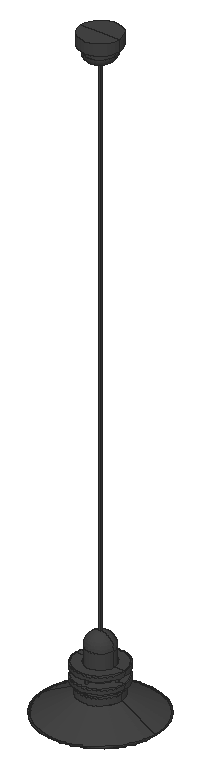
Revit family "Orbitor 100w -12,16 MB", category Lighting Fixtures, Revit 2020
Family settings
  Round Connector Dimension = Use Diameter
  Part Type = Normal
  OmniClass Number = 23.80.70.00
  OmniClass Title = Lighting
  Work Plane-Based = No
  Always vertical = Yes
  Cut with Voids When Loaded = No
  Light Source = Yes
  Shared = No
  Room Calculation Point = No
Parameters (values of type "ORB16")
  Weight = "2.0 lbs"
  Wattage Comments = "100W Max"
  Wattage = 1.6 W
  Warranty = "5 year limited warranty"  # constant formula
  built-in parameter 1150110 = 1 (stored number, unit not read)
  Voltage = 277 V
  URL = "https://www.anplighting.com/assets/Uploads/product-attachments/specification-sheets/ANP-Specification-Sheet-RLM-MB-ORB16.pdf"
  built-in parameter 1114217 = 1 (stored number, unit not read)
  Tilt Angle = 90.00°
  built-in parameter 1150109 = 1 (stored number, unit not read)
  built-in parameter 1150134 = 12
  built-in parameter 1150113 = 1 (stored number, unit not read)
  ORB16 = yes
  ORB12 = no
  Mounting Option [instance] = 1
  Power Factor = 1
  Post Mount [instance] = Mounting Option = 5  # no
  Placement X axis side [instance] = if(Post Mount, 2' 2 15/32", if(Cord or Stem Mount, 0' 0", if(E36 20 inch, 1' 8 1/4", if(E 6 26 inch, 2' 2", if(E7 41 inch, 3' 5 1/4", 0' 1")))))  # 0' - 0"
  Photometric Web File = "ORB16CLM016LDDW40K.IES"
  Model = "ORB16"
  Manufacturer = "ANP Lighting"  # constant formula
  built-in parameter 1150105 = 2000 (stored number, unit not read)
  Lumens = 2000 lm
  built-in parameter 1150115 = 1 (stored number, unit not read)
  Load Classification = Lighting
  Light Source Height [instance] = 0' - 11"
  built-in parameter 1150137 = (empty or 0)
  built-in parameter 1150139 = (empty or 0)
  Light Elevation _2 [instance] = if(Post Mount, 0' 0.66142", if(E7 41 inch, 0' 0.66142", if(E36 20 inch, 0' 1.65748", if(E 6 26 inch, 0' 1.53543", if(Cord or Stem Mount, (0' 4.3622" + Cord Length), 0' 0")))))  # 6' - 4.3622"
  Light Elevation _1 [instance] = if(Post Mount, 0' 0", if(E7 41 inch, 0' 0", if(E36 20 inch, 0' 1", if(E 6 26 inch, 0' 0.87402", if(Cord or Stem Mount, (0' 3.66142" + Cord Length), 0' 0")))))  # 6' - 3.66142"
  Light Elevation [instance] = if(Post Mount, 14' 0.5315", if(E7 41 inch, 0' 0", 0' 0"))  # 0' - 0"
  Life = "L70 50,000 hours"  # constant formula
  built-in parameter 1150112 = 1 (stored number, unit not read)
  built-in parameter 1150114 = 1 (stored number, unit not read)
  Lamp = "MB"
  built-in parameter 1150132 = 2
  built-in parameter 1150102 = (empty or 0)
  built-in parameter 1150107 = 4000 (stored number, unit not read)
  built-in parameter 1150138 = (empty or 0)
  built-in parameter 1150106 = 20 (stored number, unit not read)
  INSIDE BODY = INSIDE BODY
  Fixture Height = 0' - 10 1/2"
  Fixture Diameter = 1' - 4"
  Efficiency = "65-125 lumens per watt"  # constant formula
  built-in parameter 1150104 = 116.13 (stored number, unit not read)
  E7 41 inch [instance] = Mounting Option = 4  # no
  E36 20 inch [instance] = Mounting Option = 3  # no
  E 6 26 inch [instance] = Mounting Option = 2  # no
  Dimming Lamp Color Temperature Shift = <None>
  Dimming = "1%"  # constant formula
  Description = "120-277 Voltage"  # constant formula
  Default Elevation = 0' - 0"
  Cord or Stem Mount [instance] = Mounting Option = 1  # yes
  Cord Length option [instance] = 0
  Cord Length [instance] = if([2' Cord], 2' 0", if([4' Cord], 4' 0", if([8' Cord], 8' 0", if([10' Cord], 10' 0", if([6' Cord], 6' 0", 6' 0")))))  # 6' - 0"
  Construction Material = "Heavy Duty spun aluminum."  # constant formula
  Color Filter = 16777215
  CRI = ">90"  # constant formula
  Body Material = body
  Body Colour = "Spun aluminium"  # constant formula
  built-in parameter 1114218 = 1 (stored number, unit not read)
  built-in parameter 1150133 = 10 (stored number, unit not read)
  Apparent Load = 100 VA
  8' Cord [instance] = Cord Length option = 8  # no
  6' Cord [instance] = Cord Length option = 6  # no
  4' Cord [instance] = Cord Length option = 4  # no
  2' Cord [instance] = Cord Length option = 2  # no
  10' Cord [instance] = Cord Length option = 10  # no
Types (3): name | Weight | Wattage | URL | ORB16 | ORB12 | Photometric Web File | Model | built-in parameter 1150105 | Lumens | built-in parameter 1150106 | Fixture Height | Fixture Diameter
  (no name) | "2.0 lbs" | 1.6 W | "https://www.anplighting.com/assets/Uploads/product-attachments/specification-sheets/ANP-Specification-Sheet-RLM-MB-ORB16.pdf" | yes | no | "ORB16CLM016LDDW40K.IES" | "ORB16" | 2000 (stored number, unit not read) | 2000 lm | 20 (stored number, unit not read) | 0' - 10 1/2" | 1' - 4"
  ORB12 | "4.0 lbs" | 1 W | "https://www.anplighting.com/assets/Uploads/product-attachments/specification-sheets/ANP-Specification-Sheet-RLM-MB-ORB12.pdf" | no | yes | "ORB12CLM010LDDW40K.IES" | "ORB12" | 99.472 (stored number, unit not read) | 1250 lm | 0.99472 (stored number, unit not read) | 0' - 9 1/2" | 1' - 0 1/8"
  ORB16 | "2.0 lbs" | 1.6 W | "https://www.anplighting.com/assets/Uploads/product-attachments/specification-sheets/ANP-Specification-Sheet-RLM-MB-ORB16.pdf" | yes | no | "ORB16CLM016LDDW40K.IES" | "ORB16" | 2000 (stored number, unit not read) | 2000 lm | 20 (stored number, unit not read) | 0' - 10 1/2" | 1' - 4"
Reference planes (in)
  plane 1 "Light Source Axis (F/B)": y = 0
  plane 2: z = 0
  plane 3 "Light Source Axis (L/R)": x = 0
  plane 4 "Light Source Elevation": z = 0
  plane 5: z = 0
  plane 6: x = 0
  plane 7 "Bulb Position": z = -76.3622
  plane 8 "Canopy Position": z = -75.66142
  plane 9 "IES": z = -87.3622
Dimensions and locks (in)
  "Light Elevation": plane 5 to plane 2
  "Placement X axis side": plane 6 to plane 3 "Light Source Axis (L/R)"
  "Light Elevation _2": plane 5 to plane 7 "Bulb Position"
  "Light Elevation _1": plane 5 to plane 8 "Canopy Position"
  "Light Source Height": plane 7 "Bulb Position" to plane 9 "IES"
  locked: plane 4 "Light Source Elevation" to plane 2
  aligned and locked: level to plane 2
  aligned and locked: plane 1 "Light Source Axis (F/B)" to nested 5
  aligned and locked: nested 5 to plane 2
  aligned and locked: nested 1 to plane 3 "Light Source Axis (L/R)"
  aligned and locked: plane 3 "Light Source Axis (L/R)" to nested 2
  aligned and locked: plane 3 "Light Source Axis (L/R)" to nested 4
  aligned and locked: nested 3 to plane 5
  aligned and locked: plane 3 "Light Source Axis (L/R)" to nested 3
  aligned and locked: plane 3 "Light Source Axis (L/R)" to nested 5
  aligned and locked: plane 1 "Light Source Axis (F/B)" to nested 2
  aligned and locked: plane 1 "Light Source Axis (F/B)" to nested 1
  aligned and locked: plane 1 "Light Source Axis (F/B)" to nested 4
  aligned and locked: plane 1 "Light Source Axis (F/B)" to nested 3
  aligned and locked: plane 2 to nested 1
  aligned and locked: plane 2 to nested 2
  aligned and locked: nested 4 to plane 2
  aligned and locked: imposter light to plane 9 "IES"
  aligned and locked: imposter light to plane 6
  aligned and locked: nested 6 to plane 8 "Canopy Position"
  aligned and locked: nested 7 to plane 8 "Canopy Position"
  aligned and locked: nested 6 to plane 6
  aligned and locked: nested 7 to plane 6
Nested families (in)
  nested 1: "CORD OR STEM MOUNT" at (0, 0, -75.67), visible <- "Cord or Stem Mount", Cord or Stem Mount <- "Cord or Stem Mount", Body Material <- "Body Material", Light Elevation <- "Light Elevation", Cord Length <- "Cord Length", 10' Cord <- "10' Cord", 2' Cord <- "2' Cord", 4' Cord <- "4' Cord", 6' Cord <- "6' Cord", 8' Cord <- "8' Cord", type "CORD OR STEM MOUNT"
    with Light Elevation 0' - 0", Cord or Stem Mount yes, Cord Length 6' - 0", Body Material body, 8' Cord no, 6' Cord no, 4' Cord no, 2' Cord no, 10' Cord no
  nested 2: "E6 26 INCH" at (0, 0, 0), visible <- "E 6 26 inch", Chain Length <- "Cord Length", E 6 26 inch <- "E 6 26 inch", Placement X axis side <- "Placement X axis side", Body Material <- "Body Material", Light Elevation <- "Light Elevation", type "E6 26 INCH"
    with Placement X axis side 0' - 0", Light Elevation 0' - 0", E 6 26 inch no, Chain Length 6' - 0", Body Material body
  nested 3: "E7 41 INCH" at (0, 0, 0), Chain Length <- "Cord Length", visible <- "E7 41 inch", E7 41 inch <- "E7 41 inch", Placement X axis side <- "Placement X axis side", Body Material <- "Body Material", Light Elevation <- "Light Elevation", type "E7 41 INCH"
    with Placement X axis side 0' - 0", Light Elevation 0' - 0", E7 41 inch no, Chain Length 6' - 0", Body Material body
  nested 4: "E36 20 INCH" at (0, 0, 0), visible <- "E36 20 inch", E36 20 inch <- "E36 20 inch", Placement X axis side <- "Placement X axis side", Chain Length <- "Cord Length", Body Material <- "Body Material", Light Elevation <- "Light Elevation", type "E36 20 INCH"
    with Placement X axis side 0' - 0", Light Elevation 0' - 0", E36 20 inch no, Chain Length 6' - 0", Body Material body
  nested 5: "POST MOUNT" at (0, 0, 0), visible <- "Post Mount", Post Mount <- "Post Mount", Placement X axis side <- "Placement X axis side", Chain Length <- "Cord Length", Body Material <- "Body Material", Light Elevation <- "Light Elevation", type "POST MOUNT"
    with Post Mount no, Placement X axis side 0' - 0", Light Elevation 0' - 0", Chain Length 6' - 0", Body Material body
  nested 6: "ORB12A" at (0, 0, -75.66142), Light Elevation <- "Light Elevation", Body <- "Body Material", visible <- "ORB12", INSIDE BODY <- "INSIDE BODY", ORB12 <- "ORB12", type "ORB12A"
    with ORB12 no, Light Elevation 0' - 0", INSIDE BODY INSIDE BODY, Body body
  nested 7: "ORB16" at (0, 0, -75.66142), Light Elevation <- "Light Elevation", Body <- "Body Material", INSIDE BODY <- "INSIDE BODY", visible <- "ORB16", ORB16 <- "ORB16", type "ORB16"
    with ORB16 yes, Light Elevation 0' - 0", INSIDE BODY INSIDE BODY, Body body
Definition of nested family "CORD OR STEM MOUNT"
  Parameters (values of type "CORD OR STEM MOUNT")
    URL = ""
    Model = ""
    Manufacturer = ""
    Light Elevation [instance] = 1' - 7.69"
    Default Elevation = 0' - 0"
    Cord or Stem Mount [instance] = yes
    Cord Length [instance] = 6' - 0"
    Body Material [instance] = none
    8' Cord [instance] = no
    6' Cord [instance] = no
    4' Cord [instance] = no
    2' Cord [instance] = no
    10' Cord [instance] = no
  Reference planes (in)
    plane 1 "Light Source Axis (F/B)": y = 0
    plane 2: z = 0
    plane 3 "Light Source Axis (L/R)": x = 0
    plane 4 "Light Source Elevation": z = 23.125
    plane 5: z = 91.69
    plane 6: z = 19.69
  Forms (in)
    Extrusion 1, void, not visible
      sketch origin (0, 0, 2.38154) x (1, 0, 0) y (0, 0, 1)
        loop
          circle (0, 4.59925) r 0.16583
      from 1.18594 to 1.75
    Extrusion 2, void, not visible
      sketch origin (0, 0, 2.38154) x (0.707107, -0.707107, 0) y (0, 0, 1)
        loop
          circle (0, 4.59925) r 0.16583
      from 1.18594 to 1.75
    Extrusion 3, void, not visible
      sketch origin (0, 0, 2.38154) x (0.707107, 0.707107, 0) y (0, 0, 1)
        loop
          circle (0, 4.59925) r 0.16583
      from 1.18594 to 1.75
    Extrusion 4, void, not visible
      sketch origin (0, 0, 2.38154) x (0, 1, 0) y (0, 0, 1)
        loop
          circle (0, 4.59925) r 0.16583
      from 1.18594 to 1.75
    Extrusion 5, void, not visible
      sketch origin (0, 0, 2.38154) x (-0.707107, 0.707107, 0) y (0, 0, 1)
        loop
          circle (0, 4.59925) r 0.16583
      from 1.18594 to 1.75
    Extrusion 6, void, not visible
      sketch origin (0, 0, 2.38154) x (-1, 0, 0) y (0, 0, 1)
        loop
          circle (0, 4.59925) r 0.20678
      from 1.18594 to 1.75
    Extrusion 7, void, not visible
      sketch origin (0, 0, 2.38154) x (-0.707107, -0.707107, 0) y (0, 0, 1)
        loop
          circle (0, 4.59925) r 0.16583
      from 1.18594 to 1.75
    Extrusion 8, void, not visible
      sketch origin (0, 0, 2.38154) x (0, -1, 0) y (0, 0, 1)
        loop
          circle (0, 4.59925) r 0.16583
      from 1.18594 to 1.75
    Revolve 9, solid, material <- "Body Material", visible <- "Cord or Stem Mount"
      sketch origin (0, 0, 174.56698) x (1, 0, 0) y (0, 0, 1)
        loop
          line (2.6875, -79.20698) -> (0, -79.20698) -> (0, -82.87698) -> (0.125, -82.87698) -> (0.125, -82.83698) -> (0.75, -82.83698)
          arc (0.75, -82.83698) -> (0.81694, -82.77004) -> (0.75, -82.7031) r 0.06694
          line (0.75, -82.7031) -> (0.89763, -82.7031) -> (1.00223, -82.5985) -> (1.06587, -82.5985)
          arc (1.06587, -82.5985) -> (1.80099, -82.29401) -> (2.10549, -81.55888) r 1.03962
          line (2.10549, -81.55888) -> (2.10549, -81.03899)
          arc (2.10549, -81.03899) -> (2.12951, -80.981) -> (2.1875, -80.95698) r 0.08201
          line (2.1875, -80.95698) -> (2.1875, -80.70698) -> (2.6875, -80.70698) -> (2.6875, -79.20698)
        axis (0, -79.20698) -> (0, -82.87698)
      angle from 0 to 360
    Revolve 10, solid, material <- "Body Material", visible <- "Cord or Stem Mount"
      sketch origin (0, 0, 0) x (1, 0, 0) y (0, 0, 1)
        loop
          line (0, 91.69) -> (-0.125, 91.69) -> (-0.125, 19.69) -> (0, 19.69) -> (0, 91.69)
        axis (0, 19.69) -> (0, 91.69)
      angle from 0 to 360
  Dimensions and locks (in)
    "Light Elevation": plane 6 to plane 2
    "Cord Length": plane 5 to plane 6
    locked: Revolve 10 sketch curve to Revolve 10 sketch curve at 0.125
    aligned and locked: level to plane 2
    aligned and locked: Revolve 10 sketch curve to plane 3 "Light Source Axis (L/R)"
    aligned and locked: Revolve 10 sketch curve to plane 6
    aligned and locked: Revolve 10 sketch curve to plane 5
    aligned and locked: plane 3 "Light Source Axis (L/R)" to Revolve 10 sketch curve
  Automatic sketch dimensions
    Revolve 9 sketch curve to plane 3 "Light Source Axis (L/R)" = 0' - 0"  (x2)
    Revolve 9 sketch curve to plane 5 = 0' - 0"
    plane 3 "Light Source Axis (L/R)" to Revolve 9 sketch curve = 0' - 0 1/8"
    Revolve 9 sketch curve to plane 5 = 0' - 0.17388"
    Revolve 9 sketch curve to Revolve 9 sketch curve = 0' - 0 5/8"
    Revolve 9 sketch curve to Revolve 9 sketch curve = 0' - 0.14763"
    Revolve 9 sketch curve to plane 5 = 0' - 0.27847"
    Revolve 9 sketch curve to Revolve 9 sketch curve = 0' - 0.1046"
    Revolve 9 sketch curve to Revolve 9 sketch curve = 0' - 0.06364"
    Revolve 9 sketch curve to Revolve 9 sketch curve = 0' - 1.03962"
    Revolve 9 sketch curve to Revolve 9 sketch curve = 0' - 0 21/256"
    Revolve 9 sketch curve to Revolve 9 sketch curve = 0' - 0 1/2"  (x2)
    Revolve 9 sketch curve to Revolve 9 sketch curve = 0' - 0.51989"
    Revolve 9 sketch curve to Revolve 9 sketch curve = 0' - 0 1/4"
    Revolve 9 sketch curve to Revolve 9 sketch curve = 0' - 2.3519"
    Revolve 9 sketch curve to Revolve 9 sketch curve = 0' - 1 1/4"
    Revolve 9 sketch curve to Revolve 9 sketch curve = 0' - 0.04"
    Revolve 10 sketch curve to Revolve 10 sketch curve = 0' - 0 1/2"
    Revolve 10 sketch curve to Revolve 10 sketch curve = 0' - 0.42345"
Definition of nested family "ORB16"
  Parameters (values of type "ORB16")
    ORB16 [instance] = yes
    Light Elevation [instance] = 0' - 0"
    INSIDE BODY [instance] = none
    Default Elevation = 0' - 0"
    Body [instance] = none
  Reference planes (in)
    plane 1 "Center (Front/Back)": y = 0
    plane 2: z = 0
    plane 3 "Center (Left/Right)": x = 0
    plane 4: z = 0
  Dimensions and locks (in)
    "Light Elevation": plane 4 to plane 2
    aligned and locked: plane 2 to level
    aligned and locked: plane 1 "Center (Front/Back)" to nested 1
    aligned and locked: plane 4 to nested 1
    aligned and locked: plane 3 "Center (Left/Right)" to nested 1
  Nested families (in)
    nested 1: "ORB16-LED (1)" at (0, 0, -12.6544), INSIDE BODY <- "INSIDE BODY", Body <- "Body", visible <- "ORB16", ORB16 <- "ORB16", type "ORB16-LED (1)"
      with ORB16 yes, Body none
  Definition of nested family "ORB16-LED (1)"
    Parameters (values of type "ORB16-LED (1)")
      ORB16 [instance] = yes
      INSIDE BODY [instance] = none
      Default Elevation = 0' - 0"
      Body [instance] = none
    Reference planes (in)
      plane 1 "Center (Front/Back)": y = 0
      plane 2: z = 0
      plane 3 "Center (Left/Right)": x = 0
    Forms (in)
      Revolve 1, solid, material <- "Body", visible <- "ORB16"
        sketch origin (0, 0, 0.00013) x (1, 0, 0) y (0, 0, 1)
          loop
            line (-1.875, 10.67883) -> (-1.875, 8.43427)
            arc (-1.875, 8.43427) -> (-1.88672, 8.40598) -> (-1.915, 8.39427) r 0.04
            line (-1.915, 8.39427) -> (-2.67, 8.39427)
            arc (-2.67, 8.39427) -> (-2.72657, 8.37084) -> (-2.75, 8.31427) r 0.08
            line (-2.75, 8.31427) -> (-2.75, 7.89427) -> (-2.67, 7.89427) -> (-2.67, 8.31427) -> (-1.915, 8.31427)
            arc (-1.915, 8.31427) -> (-1.83015, 8.34941) -> (-1.795, 8.43427) r 0.12
            line (-1.795, 8.43427) -> (-1.795, 10.67883)
            arc (-1.795, 10.67883) -> (-1.33897, 11.92109) -> (-0.1875, 12.57323) r 1.92
            line (-0.1875, 12.57323) -> (-0.1875, 12.65427)
            arc (-0.1875, 12.65427) -> (-1.39569, 11.97787) -> (-1.875, 10.67883) r 2
          axis (0, 12.65427) -> (0, 7.89427)
        angle from 0 to 360
      Revolve 2, solid, material <- "Body", visible <- "ORB16"
        sketch origin (0, 0, 0.00013) x (1, 0, 0) y (0, 0, 1)
          loop
            line (-2.0625, 8.68427) -> (-3.42, 8.68427)
            arc (-3.42, 8.68427) -> (-3.47657, 8.66084) -> (-3.5, 8.60427) r 0.08
            line (-3.5, 8.60427) -> (-3.5, 8.05927) -> (-3.42, 8.05927) -> (-3.42, 8.60427) -> (-2.0625, 8.60427) -> (-2.0625, 8.68427)
          axis (0, 8.68427) -> (0, 8.05927)
        angle from 0 to 360
      Revolve 3, solid, material <- "Body", visible <- "ORB16"
        sketch origin (0, 0, 0.00013) x (1, 0, 0) y (0, 0, 1)
          loop
            line (-3.3125, 8.60427) -> (-3.3125, 8.39427) -> (-2.0625, 8.39427) -> (-2.0625, 8.60427) -> (-3.3125, 8.60427)
          axis (0, 8.60427) -> (0, 8.39427)
        angle from 0 to 360
      Revolve 4, solid, material <- "Body", visible <- "ORB16"
        sketch origin (0, 0, 0.00013) x (1, 0, 0) y (0, 0, 1)
          loop
            line (-2.065, 8.23427) -> (-2.065, 8.04677) -> (-1.935, 8.04677) -> (-1.935, 7.66677) -> (-1.8125, 7.66677) -> (-1.8125, 6.98427) -> (-1.6825, 6.98427) -> (-1.6825, 8.10427) -> (-1.2475, 8.10427) -> (-1.2475, 8.23427) -> (-2.065, 8.23427)
          axis (0, 8.23427) -> (0, 6.98427)
        angle from 0 to 360
      Revolve 5, solid, material <- "Body", visible <- "ORB16"
        sketch origin (0, 0, 0.00013) x (1, 0, 0) y (0, 0, 1)
          loop
            line (-1.3725, 8.31427) -> (-2.67, 8.31427) -> (-2.67, 8.23427) -> (-1.3725, 8.23427) -> (-1.3725, 8.31427)
          axis (0, 8.31427) -> (0, 8.23427)
        angle from 0 to 360
      Revolve 6, solid, material <- "Body", visible <- "ORB16"
        sketch origin (0, 0, 0.00013) x (1, 0, 0) y (0, 0, 1)
          loop
            line (-2.0625, 7.06427) -> (-3.42, 7.06427)
            arc (-3.42, 7.06427) -> (-3.47657, 7.04084) -> (-3.5, 6.98427) r 0.08
            line (-3.5, 6.98427) -> (-3.5, 6.43927) -> (-3.42, 6.43927) -> (-3.42, 6.98427) -> (-2.0625, 6.98427) -> (-2.0625, 7.06427)
          axis (0, 7.06427) -> (0, 6.43927)
        angle from 0 to 360
      Revolve 7, solid, material <- "Body", visible <- "ORB16"
        sketch origin (0, 0, 0.00013) x (1, 0, 0) y (0, 0, 1)
          loop
            line (-2.625, 7.06427) -> (-2.5625, 7.06427) -> (-2.5625, 8.23427) -> (-2.625, 8.23427) -> (-2.625, 7.06427)
          loop
            line (-2.5625, 6.98427) -> (-2.625, 6.98427) -> (-2.625, 5.73427) -> (-2.5625, 5.73427) -> (-2.5625, 6.98427)
          axis (-2.4375, 8.23427) -> (-2.4375, 5.73427)
        angle from 0 to 360
      Revolve 8, solid, material <- "Body", visible <- "ORB16"
        sketch origin (0, 0, 0.00013) x (-1, 0, 0) y (0, 0, 1)
          loop
            line (-2.625, 7.06427) -> (-2.5625, 7.06427) -> (-2.5625, 8.23427) -> (-2.625, 8.23427) -> (-2.625, 7.06427)
          loop
            line (-2.5625, 6.98427) -> (-2.625, 6.98427) -> (-2.625, 5.73427) -> (-2.5625, 5.73427) -> (-2.5625, 6.98427)
          axis (-2.4375, 8.23427) -> (-2.4375, 5.73427)
        angle from 0 to 360
      Revolve 9, solid, material <- "Body", visible <- "ORB16"
        sketch origin (0, 0, 0.00013) x (0, 1, 0) y (0, 0, 1)
          loop
            line (-2.625, 7.06427) -> (-2.5625, 7.06427) -> (-2.5625, 8.23427) -> (-2.625, 8.23427) -> (-2.625, 7.06427)
          loop
            line (-2.5625, 6.98427) -> (-2.625, 6.98427) -> (-2.625, 5.73427) -> (-2.5625, 5.73427) -> (-2.5625, 6.98427)
          axis (-2.4375, 8.23427) -> (-2.4375, 5.73427)
        angle from 0 to 360
      Revolve 10, solid, material <- "Body", visible <- "ORB16"
        sketch origin (0, 0, 0.00013) x (0, -1, 0) y (0, 0, -1)
          loop
            line (-2.625, -7.06427) -> (-2.625, -8.23427) -> (-2.5625, -8.23427) -> (-2.5625, -7.06427) -> (-2.625, -7.06427)
          loop
            line (-2.5625, -6.98427) -> (-2.5625, -5.73427) -> (-2.625, -5.73427) -> (-2.625, -6.98427) -> (-2.5625, -6.98427)
          axis (-2.4375, -8.23427) -> (-2.4375, -5.73427)
        angle from 0 to 360
      Revolve 11, solid, material <- "Body", visible <- "ORB16"
        sketch origin (0, 0, 0) x (1, 0, 0) y (0, 0, 1)
          loop
            line (-2, 5.6544) -> (-2, 5.7344) -> (-2.8975, 5.7344)
            arc (-2.8975, 5.7344) -> (-2.95407, 5.71097) -> (-2.9775, 5.6544) r 0.08
            line (-2.9775, 5.6544) -> (-2.9775, 4.7344) -> (-7.84533, 2.2169) -> (-7.92187, 2.2169)
            arc (-7.92187, 2.2169) -> (-7.9375, 2.23252) -> (-7.92187, 2.24815) r 0.01562
            line (-7.92187, 2.24815) -> (-7.92187, 2.31065)
            arc (-7.92187, 2.31065) -> (-8, 2.23252) -> (-7.92187, 2.1544) r 0.07813
            line (-7.92187, 2.1544) -> (-7.82492, 2.1544) -> (-2.8975, 4.68555) -> (-2.8975, 5.6544) -> (-2, 5.6544)
          axis (0, 5.7344) -> (0, 2.1544)
        angle from 0 to 360
      Revolve 12, solid, material <- "INSIDE BODY", visible <- "ORB16"
        sketch origin (0, 0, 0) x (1, 0, 0) y (0, 0, 1)
          loop
            line (2.8975, 4.68555) -> (2.85179, 4.68555) -> (2.85179, 4.59661) -> (7.4218, 2.24815) -> (7.64058, 2.24815) -> (2.8975, 4.68555)
          axis (0, 2.24815) -> (0, 4.68555)
        angle from 0 to 360
    Dimensions and locks (in)
      aligned and locked: plane 2 to level
Definition of nested family "E6 26 INCH"
  Parameters (values of type "E6 26 INCH")
    URL = ""
    Placement X axis side [instance] = 2' - 2"
    Model = ""
    Manufacturer = ""
    Light Elevation [instance] = 8' - 4"
    E 6 26 inch [instance] = yes
    Default Elevation = 0' - 0"
    Chain Length [instance] = 0' - 0"
    Body Material [instance] = none
  Reference planes (in)
    plane 1 "Light Source Axis (F/B)": y = 0
    plane 2: z = 0
    plane 3 "Light Source Axis (L/R)": x = 0
    plane 4 "Light Source Elevation": z = 23.125
    plane 5: z = 100
    plane 6: x = -26
    plane 7: z = 99.125
    plane 8: x = -24.12
    plane 9: x = -25.5474
  Forms (in)
    Extrusion 1, void, not visible
      sketch origin (0, 0, 2.38154) x (1, 0, 0) y (0, 0, 1)
        loop
          circle (0, 4.59925) r 0.16583
      from 1.18594 to 1.75
    Extrusion 2, void, not visible
      sketch origin (0, 0, 2.38154) x (0.707107, -0.707107, 0) y (0, 0, 1)
        loop
          circle (0, 4.59925) r 0.16583
      from 1.18594 to 1.75
    Extrusion 3, void, not visible
      sketch origin (0, 0, 2.38154) x (0.707107, 0.707107, 0) y (0, 0, 1)
        loop
          circle (0, 4.59925) r 0.16583
      from 1.18594 to 1.75
    Extrusion 4, void, not visible
      sketch origin (0, 0, 2.38154) x (0, 1, 0) y (0, 0, 1)
        loop
          circle (0, 4.59925) r 0.16583
      from 1.18594 to 1.75
    Extrusion 5, void, not visible
      sketch origin (0, 0, 2.38154) x (-0.707107, 0.707107, 0) y (0, 0, 1)
        loop
          circle (0, 4.59925) r 0.16583
      from 1.18594 to 1.75
    Extrusion 6, void, not visible
      sketch origin (0, 0, 2.38154) x (-1, 0, 0) y (0, 0, 1)
        loop
          circle (0, 4.59925) r 0.20678
      from 1.18594 to 1.75
    Extrusion 7, void, not visible
      sketch origin (0, 0, 2.38154) x (-0.707107, -0.707107, 0) y (0, 0, 1)
        loop
          circle (0, 4.59925) r 0.16583
      from 1.18594 to 1.75
    Extrusion 8, void, not visible
      sketch origin (0, 0, 2.38154) x (0, -1, 0) y (0, 0, 1)
        loop
          circle (0, 4.59925) r 0.16583
      from 1.18594 to 1.75
    Sweep 9, solid, material <- "Body Material", visible <- "E 6 26 inch"
      path origin (-41.25, 0, 168.51693) x (1, 0, 0) y (0, 0, 1)
        loop
          line (17.13, -68.51693) -> (27.68551, -68.51693)
          arc (27.68551, -68.51693) -> (28.47996, -68.34486) -> (29.13202, -67.8595) r 1.92004
          line (29.13202, -67.8595) -> (34.23651, -62.01155)
          arc (34.23651, -62.01155) -> (38.65464, -60.89667) -> (41.25, -64.64193) r 4
          line (41.25, -64.64193) -> (41.25, -69.39193)
      profile origin (-18.84224, 0, 100) x (0, 0, 1) y (0, -1, 0)
        loop
          circle (0, 0) r 0.5
    Revolve 10, solid, material <- "Body Material", visible <- "E 6 26 inch"
      sketch origin (-26, 0, 168.51693) x (1, 0, 0) y (0, 0, 1)
        loop
          line (0, -66.07943) -> (0, -68.51693) -> (1.88, -68.51693) -> (1.88, -67.69272) -> (0.4526, -67.69272) -> (0.4526, -66.54122) -> (0.33125, -66.54122) -> (0.33125, -66.07943) -> (0, -66.07943)
        axis (0, -68.51693) -> (1.88, -68.51693)
      angle from 0 to 360
    Extrusion 11, solid, material <- "Body Material", visible <- "E 6 26 inch"
      sketch origin (-26, 0, 168.51693) x (0, -1, 0) y (0, 0, -1)
        loop
          line (0.25, 68.51693) -> (0.25, 69.51693) -> (-0.25, 69.51693) -> (-0.25, 68.51693) -> (0.25, 68.51693)
      from 0.4526 to 1.88
  Cuts and joins
    joined: Revolve 10, Extrusion 11
  Dimensions and locks (in)
    "Light Elevation": plane 5 to plane 2
    "Placement X axis side": plane 3 "Light Source Axis (L/R)" to plane 6
    locked: plane 5 to plane 7 at 0.875
    Revolve 10 sketch curve to Revolve 10 sketch curve to Revolve 10 sketch curve to plane 6 = 0' - 1.4274" locked, 0' - 0.12135" locked, 0' - 0.33125" locked
    Revolve 10 sketch curve to Revolve 10 sketch curve to Revolve 10 sketch curve to plane 5 = 0' - 0.46179" locked, 0' - 1.1515" locked, 0' - 0 211/256" locked
    locked: Sweep 9 sketch curve to plane 6 at 1.88
    locked: Sweep 9 sketch curve to Sweep 9 sketch curve at 10.55551
    locked: Sweep 9 sketch curve to Sweep 9 sketch curve at 13.56449
    locked: Sweep 9 sketch curve to Sweep 9 sketch curve at 4.75
    locked: plane 9 to plane 6 at 0.4526
    locked: plane 8 to plane 9 at 1.4274
    aligned and locked: level to plane 2
    aligned and locked: Revolve 10 sketch curve to plane 6
    aligned and locked: plane 5 to Revolve 10 sketch curve
    aligned and locked: Revolve 10 sketch curve to plane 5
    aligned and locked: cut or joined group of Revolve 10, Extrusion 11 to plane 9
    aligned and locked: plane 8 to cut or joined group of Revolve 10, Extrusion 11
  Automatic sketch dimensions
    Sweep 9 sketch curve to plane 5 = 0' - 0"
    Sweep 9 sketch curve to Sweep 9 sketch curve = 0' - 4"
    Sweep 9 sketch curve to Sweep 9 sketch curve = 0' - 3.01349"
    plane 5 to Sweep 9 sketch curve = 0' - 0.65743"
    Sweep 9 sketch curve to Sweep 9 sketch curve = 0' - 1.4465"
    Sweep 9 sketch curve to plane 5 = 0' - 0 7/8"
    profile plane to Sweep 9 sketch curve = 0' - 0"
    Sweep 9 sketch curve to profile plane = 0' - 0"
    plane 6 to Revolve 10 sketch curve = 0' - 0.62562"
    Revolve 10 sketch curve to Revolve 10 sketch curve = 0' - 0 1/2"
    Extrusion 11 sketch curve to plane 5 = 0' - 0"
    plane 1 "Light Source Axis (F/B)" to Extrusion 11 sketch curve = 0' - 0 1/4"
    Extrusion 11 sketch curve to plane 1 "Light Source Axis (F/B)" = 0' - 0 1/4"
    plane 5 to Extrusion 11 sketch curve = 0' - 1"
    radius of Sweep 9 sketch curve = 0' - 0 1/2"
Definition of nested family "E7 41 INCH"
  Parameters (values of type "E7 41 INCH")
    URL = ""
    Placement X axis side [instance] = 4' - 2"
    Model = ""
    Manufacturer = ""
    Light Elevation [instance] = 8' - 4"
    E7 41 inch [instance] = yes
    Default Elevation = 0' - 0"
    Chain Length [instance] = 0' - 0"
    Body Material [instance] = none
  Reference planes (in)
    plane 1 "Light Source Axis (F/B)": y = 0
    plane 2: z = 0
    plane 3 "Light Source Axis (L/R)": x = 0
    plane 4 "Light Source Elevation": z = 23.125
    plane 5: z = 100
    plane 6: x = -50
  Forms (in)
    Extrusion 1, void, not visible
      sketch origin (0, 0, 2.38154) x (1, 0, 0) y (0, 0, 1)
        loop
          circle (0, 4.59925) r 0.16583
      from 1.18594 to 1.75
    Extrusion 2, void, not visible
      sketch origin (0, 0, 2.38154) x (0.707107, -0.707107, 0) y (0, 0, 1)
        loop
          circle (0, 4.59925) r 0.16583
      from 1.18594 to 1.75
    Extrusion 3, void, not visible
      sketch origin (0, 0, 2.38154) x (0.707107, 0.707107, 0) y (0, 0, 1)
        loop
          circle (0, 4.59925) r 0.16583
      from 1.18594 to 1.75
    Extrusion 4, void, not visible
      sketch origin (0, 0, 2.38154) x (0, 1, 0) y (0, 0, 1)
        loop
          circle (0, 4.59925) r 0.16583
      from 1.18594 to 1.75
    Extrusion 5, void, not visible
      sketch origin (0, 0, 2.38154) x (-0.707107, 0.707107, 0) y (0, 0, 1)
        loop
          circle (0, 4.59925) r 0.16583
      from 1.18594 to 1.75
    Extrusion 6, void, not visible
      sketch origin (0, 0, 2.38154) x (-1, 0, 0) y (0, 0, 1)
        loop
          circle (0, 4.59925) r 0.20678
      from 1.18594 to 1.75
    Extrusion 7, void, not visible
      sketch origin (0, 0, 2.38154) x (-0.707107, -0.707107, 0) y (0, 0, 1)
        loop
          circle (0, 4.59925) r 0.16583
      from 1.18594 to 1.75
    Extrusion 8, void, not visible
      sketch origin (0, 0, 2.38154) x (0, -1, 0) y (0, 0, 1)
        loop
          circle (0, 4.59925) r 0.16583
      from 1.18594 to 1.75
    Revolve 9, solid, material <- "Body Material", visible <- "E7 41 inch"
      sketch origin (-41.25, 0, 168.39193) x (1, 0, 0) y (0, 0, 1)
        loop
          line (-8.75, -66.20443) -> (-8.75, -68.51693) -> (-6.87, -68.51693) -> (-6.87, -67.69272) -> (-8.2974, -67.69272) -> (-8.2974, -66.54122) -> (-8.41875, -66.54122) -> (-8.41875, -66.20443) -> (-8.75, -66.20443)
        axis (-8.75, -68.51693) -> (-6.87, -68.51693)
      angle from 0 to 360
    Extrusion 10, solid, material <- "Body Material", visible <- "E7 41 inch"
      sketch origin (-41.25, 0, 168.39193) x (0, -1, 0) y (0, 0, -1)
        loop
          line (0.25, 68.51693) -> (0.25, 69.51693) -> (-0.25, 69.51693) -> (-0.25, 68.51693) -> (0.25, 68.51693)
      from -8.2974 to -6.87
    Sweep 11, solid, material <- "Body Material", visible <- "E7 41 inch"
      path origin (-41.25, 0, 168.39193) x (1, 0, 0) y (0, 0, 1)
        loop
          line (-6.87, -68.51693) -> (16.04011, -68.51693)
          arc (16.04011, -68.51693) -> (17.864, -68.13651) -> (19.38375, -67.0587) r 4.5625
          line (19.38375, -67.0587) -> (24.70217, -61.33018)
          arc (24.70217, -61.33018) -> (29.64465, -60.20324) -> (32.5, -64.39193) r 4.5
          line (32.5, -64.39193) -> (32.5, -68.39193)
      profile origin (-36.66494, 0, 99.875) x (0, 0, 1) y (0, -1, 0)
        loop
          circle (0, 0) r 0.5
  Dimensions and locks (in)
    "Placement X axis side": plane 3 "Light Source Axis (L/R)" to plane 6
    "Light Elevation": plane 5 to plane 2
    locked: Revolve 9 sketch curve to Revolve 9 sketch curve at 0.33125
    locked: Revolve 9 sketch curve to Revolve 9 sketch curve at 0.4526
    locked: Revolve 9 sketch curve to Revolve 9 sketch curve at 1.88
    locked: Revolve 9 sketch curve to Revolve 9 sketch curve at 0.82421
    locked: Revolve 9 sketch curve to Revolve 9 sketch curve at 1.1515
    locked: Revolve 9 sketch curve to Revolve 9 sketch curve at 0.33679
    locked: plane 5 to Revolve 9 sketch curve at 0.125
    locked: Extrusion 10 sketch curve to Extrusion 10 sketch curve at 0.5
    locked: Extrusion 10 sketch curve to Extrusion 10 sketch curve at 1
    locked: plane 5 to Extrusion 10 sketch curve at 0.125
    locked: plane 5 to Sweep 11 sketch curve at 0.125
    locked: Sweep 11 sketch curve to Sweep 11 sketch curve at 39.37
    locked: Sweep 11 sketch curve to Sweep 11 sketch curve at 4
    locked: plane 6 to Extrusion 10 at 0.4526
    locked: Sweep 11 sketch curve to plane 6 at 1.88
    locked: Extrusion 10 to Extrusion 10 at 1.4274
    aligned and locked: plane 2 to level
    aligned and locked: Revolve 9 sketch curve to plane 6
  Automatic sketch dimensions
    Revolve 9 sketch curve to plane 5 = 0' - 0 1/8"
    plane 6 to Revolve 9 sketch curve = 0' - 0.62562"
    Revolve 9 sketch curve to Revolve 9 sketch curve = 0' - 0 1/2"
    plane 1 "Light Source Axis (F/B)" to Extrusion 10 sketch curve = 0' - 0 1/4"
    Sweep 11 sketch curve to plane 5 = 0' - 0"
    Sweep 11 sketch curve to Sweep 11 sketch curve = 0' - 4 1/2"
    Sweep 11 sketch curve to Sweep 11 sketch curve = 0' - 3.29783"
    plane 5 to Sweep 11 sketch curve = 0' - 1.33323"
    Sweep 11 sketch curve to Sweep 11 sketch curve = 0' - 5.31842"
    Sweep 11 sketch curve to Sweep 11 sketch curve = 0' - 3.34364"
    profile plane to Sweep 11 sketch curve = 0' - 0"
    Sweep 11 sketch curve to profile plane = 0' - 0"
    radius of Sweep 11 sketch curve = 0' - 0 1/2"
Definition of nested family "E36 20 INCH"
  Parameters (values of type "E36 20 INCH")
    URL = ""
    Placement X axis side [instance] = 1' - 8 1/4"
    Model = ""
    Manufacturer = ""
    Light Elevation [instance] = 8' - 4"
    E36 20 inch [instance] = yes
    Default Elevation = 0' - 0"
    Chain Length [instance] = 0' - 0"
    Body Material [instance] = none
  Reference planes (in)
    plane 1 "Light Source Axis (F/B)": y = 0
    plane 2: z = 0
    plane 3 "Light Source Axis (L/R)": x = 0
    plane 4 "Light Source Elevation": z = 23.125
    plane 5: z = 99
    plane 6: x = -20.25
    plane 7: z = 100
    plane 8: x = -18.37008
    plane 9: x = -19.79724
  Forms (in)
    Extrusion 1, void, not visible
      sketch origin (0, 0, 2.38154) x (1, 0, 0) y (0, 0, 1)
        loop
          circle (0, 4.59925) r 0.16583
      from 1.18594 to 1.75
    Extrusion 2, void, not visible
      sketch origin (0, 0, 2.38154) x (0.707107, -0.707107, 0) y (0, 0, 1)
        loop
          circle (0, 4.59925) r 0.16583
      from 1.18594 to 1.75
    Extrusion 3, void, not visible
      sketch origin (0, 0, 2.38154) x (0.707107, 0.707107, 0) y (0, 0, 1)
        loop
          circle (0, 4.59925) r 0.16583
      from 1.18594 to 1.75
    Extrusion 4, void, not visible
      sketch origin (0, 0, 2.38154) x (0, 1, 0) y (0, 0, 1)
        loop
          circle (0, 4.59925) r 0.16583
      from 1.18594 to 1.75
    Extrusion 5, void, not visible
      sketch origin (0, 0, 2.38154) x (-0.707107, 0.707107, 0) y (0, 0, 1)
        loop
          circle (0, 4.59925) r 0.16583
      from 1.18594 to 1.75
    Extrusion 6, void, not visible
      sketch origin (0, 0, 2.38154) x (-1, 0, 0) y (0, 0, 1)
        loop
          circle (0, 4.59925) r 0.20678
      from 1.18594 to 1.75
    Extrusion 7, void, not visible
      sketch origin (0, 0, 2.38154) x (-0.707107, -0.707107, 0) y (0, 0, 1)
        loop
          circle (0, 4.59925) r 0.16583
      from 1.18594 to 1.75
    Extrusion 8, void, not visible
      sketch origin (0, 0, 2.38154) x (0, -1, 0) y (0, 0, 1)
        loop
          circle (0, 4.59925) r 0.16583
      from 1.18594 to 1.75
    Sweep 9, solid, material <- "Body Material", visible <- "E36 20 inch"
      path origin (-41.25, 0, 169.51693) x (1, 0, 0) y (0, 0, 1)
        loop
          line (22.88, -69.51693) -> (28.93827, -69.51693)
          arc (28.93827, -69.51693) -> (29.97705, -69.28152) -> (30.81284, -68.62128) r 2.40953
          line (30.81284, -68.62128) -> (34.13807, -64.50378)
          arc (34.13807, -64.50378) -> (38.58272, -63.24548) -> (41.25, -67.01693) r 4
          line (41.25, -67.01693) -> (41.25, -70.51693)
      profile origin (-15.34086, 0, 100) x (0, 0, 1) y (0, -1, 0)
        loop
          circle (0, 0) r 0.5
    Revolve 10, solid, material <- "Body Material", visible <- "E36 20 inch"
      sketch origin (-20.25, 0, 169.51693) x (1, 0, 0) y (0, 0, 1)
        loop
          line (0, -67.20443) -> (0, -69.51693) -> (1.88, -69.51693) -> (1.88, -68.69272) -> (0.4526, -68.69272) -> (0.4526, -67.54122) -> (0.33125, -67.54122) -> (0.33125, -67.20443) -> (0, -67.20443)
        axis (0, -69.51693) -> (1.88, -69.51693)
      angle from 0 to 360
    Extrusion 11, solid, material <- "Body Material", visible <- "E36 20 inch"
      sketch origin (-20.25, 0, 169.51693) x (0, -1, 0) y (0, 0, -1)
        loop
          line (0.25, 69.51693) -> (0.25, 70.51693) -> (-0.25, 70.51693) -> (-0.25, 69.51693) -> (0.25, 69.51693)
      from 1.87992 to 0.45276
  Cuts and joins
    joined: Revolve 10, Extrusion 11
  Dimensions and locks (in)
    "Light Elevation": plane 7 to plane 2
    "Placement X axis side": plane 3 "Light Source Axis (L/R)" to plane 6
    locked: plane 7 to plane 5 at 1
    Revolve 10 sketch curve to Revolve 10 sketch curve to Revolve 10 sketch curve to plane 7 = 0' - 0.33679" locked, 0' - 1.1515" locked, 0' - 0 211/256" locked
    locked: Sweep 9 sketch curve to plane 6 at 1.88
    locked: Sweep 9 sketch curve to Sweep 9 sketch curve at 6.05827
    locked: Sweep 9 sketch curve to Sweep 9 sketch curve at 12.31173
    locked: Sweep 9 sketch curve to Sweep 9 sketch curve at 3.5
    Revolve 10 sketch curve to Revolve 10 sketch curve to Revolve 10 sketch curve to plane 6 = 0' - 1.4274" locked, 0' - 0.12135" locked, 0' - 0.33125" locked
    locked: plane 9 to plane 6 at 0.45276
    locked: plane 8 to plane 9 at 1.42717
    aligned and locked: level to plane 2
    aligned and locked: plane 7 to Revolve 10 sketch curve
    aligned and locked: Revolve 10 sketch curve to plane 7
    aligned and locked: Revolve 10 sketch curve to plane 6
    aligned and locked: cut or joined group of Revolve 10, Extrusion 11 to plane 9
    aligned and locked: plane 8 to cut or joined group of Revolve 10, Extrusion 11
  Automatic sketch dimensions
    Sweep 9 sketch curve to plane 7 = 0' - 0"
    Sweep 9 sketch curve to plane 5 = 0' - 0"
    Sweep 9 sketch curve to Sweep 9 sketch curve = 0' - 4"
    Sweep 9 sketch curve to plane 7 = 0' - 0.89565"
    Sweep 9 sketch curve to Sweep 9 sketch curve = 0' - 3.32523"
    Sweep 9 sketch curve to Sweep 9 sketch curve = 0' - 1.87457"
    profile plane to Sweep 9 sketch curve = 0' - 0"
    Sweep 9 sketch curve to profile plane = 0' - 0"
    plane 6 to Revolve 10 sketch curve = 0' - 0.62562"
    Revolve 10 sketch curve to Revolve 10 sketch curve = 0' - 0 1/2"
    plane 7 to Extrusion 11 sketch curve = 0' - 0"
    Extrusion 11 sketch curve to plane 5 = 0' - 0"
    plane 1 "Light Source Axis (F/B)" to Extrusion 11 sketch curve = 0' - 0 1/4"
    Extrusion 11 sketch curve to plane 1 "Light Source Axis (F/B)" = 0' - 0 1/4"
    radius of Sweep 9 sketch curve = 0' - 0 1/2"
Definition of nested family "POST MOUNT"
  Parameters (values of type "POST MOUNT")
    URL = ""
    Post Mount [instance] = yes
    Placement X axis side [instance] = 2' - 2 1/2"
    Model = ""
    Manufacturer = ""
    Light Elevation [instance] = 14' - 0.5168"
    Default Elevation = 0' - 0"
    Chain Length [instance] = 0' - 0"
    Body Material [instance] = none
  Reference planes (in)
    plane 1 "Light Source Axis (F/B)": y = 0
    plane 2: z = 0
    plane 3 "Light Source Axis (L/R)": x = 0
    plane 4 "Light Source Elevation": z = 23.125
    plane 5: x = -26.5
    plane 6: z = 168.5168
  Forms (in)
    Extrusion 1, void, not visible
      sketch origin (0, 0, 2.38154) x (1, 0, 0) y (0, 0, 1)
        loop
          circle (0, 4.59925) r 0.16583
      from 1.18594 to 1.75
    Extrusion 2, void, not visible
      sketch origin (0, 0, 2.38154) x (0.707107, -0.707107, 0) y (0, 0, 1)
        loop
          circle (0, 4.59925) r 0.16583
      from 1.18594 to 1.75
    Extrusion 3, void, not visible
      sketch origin (0, 0, 2.38154) x (0.707107, 0.707107, 0) y (0, 0, 1)
        loop
          circle (0, 4.59925) r 0.16583
      from 1.18594 to 1.75
    Extrusion 4, void, not visible
      sketch origin (0, 0, 2.38154) x (0, 1, 0) y (0, 0, 1)
        loop
          circle (0, 4.59925) r 0.16583
      from 1.18594 to 1.75
    Extrusion 5, void, not visible
      sketch origin (0, 0, 2.38154) x (-0.707107, 0.707107, 0) y (0, 0, 1)
        loop
          circle (0, 4.59925) r 0.16583
      from 1.18594 to 1.75
    Extrusion 6, void, not visible
      sketch origin (0, 0, 2.38154) x (-1, 0, 0) y (0, 0, 1)
        loop
          circle (0, 4.59925) r 0.20678
      from 1.18594 to 1.75
    Extrusion 7, void, not visible
      sketch origin (0, 0, 2.38154) x (-0.707107, -0.707107, 0) y (0, 0, 1)
        loop
          circle (0, 4.59925) r 0.16583
      from 1.18594 to 1.75
    Extrusion 8, void, not visible
      sketch origin (0, 0, 2.38154) x (0, -1, 0) y (0, 0, 1)
        loop
          circle (0, 4.59925) r 0.16583
      from 1.18594 to 1.75
    Revolve 9, solid, material <- "Body Material", visible <- "Post Mount"
      sketch origin (-7.90508, 0, 0) x (1, 0, 0) y (0, 0, 1)
        loop
          line (-18.59492, 3.92912) -> (-16.29831, 3.92912) -> (-16.29831, 4.2668) -> (-16.91413, 4.2668) -> (-16.91413, 134.5168) -> (-17.16413, 134.5168) -> (-17.16413, 137.3918) -> (-17.05979, 137.3918)
          arc (-17.05979, 137.3918) -> (-16.93479, 137.5168) -> (-17.05979, 137.6418) r 0.125
          line (-17.05979, 137.6418) -> (-17.48032, 137.6418) -> (-17.48032, 139.0793) -> (-17.73032, 139.0793) -> (-17.73032, 139.5793) -> (-18.59492, 139.5793) -> (-18.59492, 3.92912)
        axis (-18.59492, 139.5793) -> (-18.59492, 3.92912)
      angle from 0 to 360
    Extrusion 10, solid, material <- "Body Material", visible <- "Post Mount"
      sketch origin (0, 0, 0) x (1, 0, 0) y (0, 1, 0)
        loop
          line (-20.5, 5.93079) -> (-32.5, 5.93079) -> (-32.5, -6.06921) -> (-20.5, -6.06921) -> (-20.5, 5.93079)
      from 0 to 3.92912
    Sweep 11, solid, material <- "Body Material", visible <- "Post Mount"
      path origin (0, 0, 48.5) x (1, 0, 0) y (0, 0, 1)
        loop
          line (0, 120.0168) -> (0, 128.0168)
          arc (0, 128.0168) -> (-13.25, 141.2668) -> (-26.5, 128.0168) r 13.25
          line (-26.5, 128.0168) -> (-26.5, 91.0793)
      profile origin (0, 0, 172.5168) x (-1, 0, 0) y (0, -1, 0)
        loop
          circle (0, 0) r 0.5
    Revolve 12, solid, material <- "Body Material", visible <- "Post Mount"
      sketch origin (0, 0, 0) x (1, 0, 0) y (0, 0, 1)
        loop
          line (0, 168.5168) -> (0.75, 168.5168) -> (0.75, 170.7668) -> (0, 170.7668) -> (0, 168.5168)
        axis (0, 170.7668) -> (0, 168.5168)
      angle from 0 to 360
  Cuts and joins
    joined: Revolve 9, Extrusion 10, Sweep 11, Revolve 12
  Dimensions and locks (in)
    "Placement X axis side": plane 3 "Light Source Axis (L/R)" to plane 5
    "Light Elevation": plane 6 to plane 2
    locked: Revolve 12 sketch curve to plane 5 at 26.5  (x2)
    locked: Revolve 9 sketch curve to plane 2 at 3.92912
    locked: Revolve 9 sketch curve to plane 5 at 2.29661
    locked: Revolve 9 sketch curve to plane 5 at 1.68079
    locked: Revolve 9 sketch curve to plane 5 at 1.43079
    locked: Revolve 9 sketch curve to plane 5 at 1.11461
    locked: Revolve 9 sketch curve to plane 5 at 0.86461
    locked: Revolve 9 sketch curve to Revolve 9 sketch curve at 130.58768
    locked: Revolve 9 sketch curve to Revolve 9 sketch curve at 2.875
    locked: Revolve 9 sketch curve to Revolve 9 sketch curve at 0.25
    locked: Revolve 9 sketch curve to Revolve 9 sketch curve at 1.4375
    locked: Revolve 9 sketch curve to Revolve 9 sketch curve at 0.5
    locked: Sweep 11 sketch curve to Sweep 11 sketch curve at 26.5
    locked: Revolve 12 sketch curve to Revolve 12 sketch curve at 0.75
    locked: cut or joined group of Revolve 9, Extrusion 10, Sweep 11, Revolve 12 to plane 2 at 139.5793
    aligned and locked: level to plane 2
    aligned and locked: plane 5 to Sweep 11 sketch curve
    aligned and locked: Revolve 9 sketch curve to plane 5
  Automatic sketch dimensions
    Revolve 9 sketch curve to plane 5 = 0' - 0"
    Revolve 9 sketch curve to Revolve 9 sketch curve = 0' - 0.10434"
    Revolve 9 sketch curve to Revolve 9 sketch curve = 0' - 0.33768"
    Revolve 9 sketch curve to Revolve 9 sketch curve = 0' - 0 1/4"
    Revolve 9 sketch curve to Revolve 9 sketch curve = 0' - 0 7/16"
    Extrusion 10 sketch curve to plane 5 = 0' - 6"
    plane 5 to Extrusion 10 sketch curve = 0' - 6"
    plane 1 "Light Source Axis (F/B)" to Extrusion 10 sketch curve = 0' - 6.06921"
    Extrusion 10 sketch curve to plane 1 "Light Source Axis (F/B)" = 0' - 5.93079"
    Sweep 11 sketch curve to profile plane = 0' - 0"
    profile plane to Sweep 11 sketch curve = 0' - 0"
    Sweep 11 sketch curve to plane 6 = 0' - 0"
    Sweep 11 sketch curve to plane 6 = 0' - 8"
    plane 6 to Sweep 11 sketch curve = 2' - 4 15/16"
    Revolve 12 sketch curve to plane 6 = 0' - 0"
    Revolve 12 sketch curve to plane 6 = 0' - 2 1/4"
    Revolve 12 sketch curve to Revolve 12 sketch curve = 0' - 0 1/2"
    Revolve 12 sketch curve to Revolve 12 sketch curve = 0' - 0"
    radius of Sweep 11 sketch curve = 0' - 0 1/2"
Definition of nested family "ORB12A"
  Parameters (values of type "ORB12A")
    ORB12 [instance] = yes
    Light Elevation [instance] = 0' - 0"
    INSIDE BODY [instance] = none
    Default Elevation = 0' - 0"
    Body [instance] = none
  Reference planes (in)
    plane 1 "Center (Front/Back)": y = 0
    plane 2: z = 0
    plane 3 "Center (Left/Right)": x = 0
    plane 4: z = 0
  Dimensions and locks (in)
    "Light Elevation": plane 4 to plane 2
    aligned and locked: plane 2 to level
    aligned and locked: plane 3 "Center (Left/Right)" to nested 1
    aligned and locked: plane 1 "Center (Front/Back)" to nested 1
    aligned and locked: plane 4 to nested 1
  Nested families (in)
    nested 1: "ORB12" at (0, 0, -11.85927), Body <- "Body", INSIDE BODY <- "INSIDE BODY", visible <- "ORB12", ORB12 <- "ORB12", type "ORB12"
      with ORB12 yes, INSIDE BODY none, Body none
  Definition of nested family "ORB12"
    Parameters (values of type "ORB12")
      ORB12 [instance] = yes
      INSIDE BODY [instance] = none
      Default Elevation = 0' - 0"
      Body [instance] = none
    Reference planes (in)
      plane 1 "Center (Front/Back)": y = 0
      plane 2: z = 0
      plane 3 "Center (Left/Right)": x = 0
    Forms (in)
      Revolve 1, solid, material <- "Body", visible <- "ORB12"
        sketch origin (0, 0, 0) x (1, 0, 0) y (0, 0, 1)
          loop
            line (-1.875, 9.88383) -> (-1.875, 9.40996) -> (-1.875, 8.43427)
            arc (-1.875, 8.43427) -> (-1.88672, 8.40598) -> (-1.915, 8.39427) r 0.04
            line (-1.915, 8.39427) -> (-2.67, 8.39427)
            arc (-2.67, 8.39427) -> (-2.72657, 8.37084) -> (-2.75, 8.31427) r 0.08
            line (-2.75, 8.31427) -> (-2.75, 7.89427) -> (-2.67, 7.89427) -> (-2.67, 8.31427) -> (-1.915, 8.31427)
            arc (-1.915, 8.31427) -> (-1.83015, 8.34941) -> (-1.795, 8.43427) r 0.12
            line (-1.795, 8.43427) -> (-1.795, 9.38194) -> (-1.795, 9.88383)
            arc (-1.795, 9.88383) -> (-1.33897, 11.12609) -> (-0.1875, 11.77823) r 1.92
            line (-0.1875, 11.77823) -> (-0.1875, 11.85927)
            arc (-0.1875, 11.85927) -> (-1.39569, 11.18287) -> (-1.875, 9.88383) r 2
          axis (0, 11.85927) -> (0, 7.89427)
        angle from 0 to 360
      Revolve 2, solid, material <- "Body", visible <- "ORB12"
        sketch origin (0, 0, 0) x (1, 0, 0) y (0, 0, 1)
          loop
            line (-2.0625, 8.68427) -> (-3.42, 8.68427)
            arc (-3.42, 8.68427) -> (-3.47657, 8.66084) -> (-3.5, 8.60427) r 0.08
            line (-3.5, 8.60427) -> (-3.5, 8.05927) -> (-3.42, 8.05927) -> (-3.42, 8.60427) -> (-2.0625, 8.60427) -> (-2.0625, 8.68427)
          axis (0, 8.68427) -> (0, 8.05927)
        angle from 0 to 360
      Revolve 3, solid, material <- "Body", visible <- "ORB12"
        sketch origin (0, 0, 0) x (1, 0, 0) y (0, 0, 1)
          loop
            line (-3.3125, 8.60427) -> (-3.3125, 8.39427) -> (-2.0625, 8.39427) -> (-2.0625, 8.60427) -> (-3.3125, 8.60427)
          axis (0, 8.60427) -> (0, 8.39427)
        angle from 0 to 360
      Revolve 4, solid, material <- "Body", visible <- "ORB12"
        sketch origin (0, 0, 0) x (1, 0, 0) y (0, 0, 1)
          loop
            line (-2.065, 8.23427) -> (-2.065, 8.04677) -> (-1.935, 8.04677) -> (-1.935, 7.66677) -> (-1.8125, 7.66677) -> (-1.8125, 6.98427) -> (-1.6825, 6.98427) -> (-1.6825, 8.10427) -> (-1.2475, 8.10427) -> (-1.2475, 8.23427) -> (-2.065, 8.23427)
          axis (0, 8.23427) -> (0, 6.98427)
        angle from 0 to 360
      Revolve 5, solid, material <- "Body", visible <- "ORB12"
        sketch origin (0, 0, 0) x (1, 0, 0) y (0, 0, 1)
          loop
            line (-1.3725, 8.31427) -> (-2.67, 8.31427) -> (-2.67, 8.23427) -> (-1.3725, 8.23427) -> (-1.3725, 8.31427)
          axis (0, 8.31427) -> (0, 8.23427)
        angle from 0 to 360
      Revolve 6, solid, material <- "Body", visible <- "ORB12"
        sketch origin (0, 0, 0) x (1, 0, 0) y (0, 0, 1)
          loop
            line (-2.0625, 7.06427) -> (-3.42, 7.06427)
            arc (-3.42, 7.06427) -> (-3.47657, 7.04084) -> (-3.5, 6.98427) r 0.08
            line (-3.5, 6.98427) -> (-3.5, 6.43927) -> (-3.42, 6.43927) -> (-3.42, 6.98427) -> (-2.0625, 6.98427) -> (-2.0625, 7.06427)
          axis (0, 7.06427) -> (0, 6.43927)
        angle from 0 to 360
      Revolve 7, solid, material <- "Body", visible <- "ORB12"
        sketch origin (0, 0, 0) x (1, 0, 0) y (0, 0, 1)
          loop
            line (-2, 5.65427) -> (-2, 5.73427) -> (-2.875, 5.73427)
            arc (-2.875, 5.73427) -> (-2.96339, 5.69766) -> (-3, 5.60927) r 0.125
            line (-3, 5.60927) -> (-3, 4.86949)
            arc (-3, 4.86949) -> (-3.01696, 4.80663) -> (-3.06322, 4.76083) r 0.125
            line (-3.06322, 4.76083) -> (-5.69352, 2.51552) -> (-5.76829, 2.4517)
            arc (-5.76829, 2.4517) -> (-5.8062, 2.42949) -> (-5.84945, 2.42177) r 0.125
            line (-5.84945, 2.42177) -> (-5.98437, 2.42177)
            arc (-5.98437, 2.42177) -> (-6, 2.43739) -> (-5.98437, 2.45302) r 0.01563
            line (-5.98437, 2.45302) -> (-5.98437, 2.51552)
            arc (-5.98437, 2.51552) -> (-6.0625, 2.43739) -> (-5.98437, 2.35927) r 0.07812
            line (-5.98437, 2.35927) -> (-5.75335, 2.35927) -> (-3.01635, 4.69565)
            arc (-3.01635, 4.69565) -> (-2.9457, 4.77011) -> (-2.92, 4.86949) r 0.205
            line (-2.92, 4.86949) -> (-2.92, 5.60927)
            arc (-2.92, 5.60927) -> (-2.90682, 5.64109) -> (-2.875, 5.65427) r 0.045
            line (-2.875, 5.65427) -> (-2, 5.65427)
          axis (0, 5.73427) -> (0, 2.35927)
        angle from 0 to 360
      Revolve 8, solid, material <- "Body", visible <- "ORB12"
        sketch origin (0, 0, 0) x (1, 0, 0) y (0, 0, 1)
          loop
            line (-2.625, 7.06427) -> (-2.5625, 7.06427) -> (-2.5625, 8.23427) -> (-2.625, 8.23427) -> (-2.625, 7.06427)
          loop
            line (-2.5625, 6.98427) -> (-2.625, 6.98427) -> (-2.625, 5.73427) -> (-2.5625, 5.73427) -> (-2.5625, 6.98427)
          axis (-2.4375, 8.23427) -> (-2.4375, 5.73427)
        angle from 0 to 360
      Revolve 9, solid, material <- "Body", visible <- "ORB12"
        sketch origin (0, 0, 0) x (-1, 0, 0) y (0, 0, 1)
          loop
            line (-2.625, 7.06427) -> (-2.5625, 7.06427) -> (-2.5625, 8.23427) -> (-2.625, 8.23427) -> (-2.625, 7.06427)
          loop
            line (-2.5625, 6.98427) -> (-2.625, 6.98427) -> (-2.625, 5.73427) -> (-2.5625, 5.73427) -> (-2.5625, 6.98427)
          axis (-2.4375, 8.23427) -> (-2.4375, 5.73427)
        angle from 0 to 360
      Revolve 10, solid, material <- "Body", visible <- "ORB12"
        sketch origin (0, 0, 0) x (0, 1, 0) y (0, 0, 1)
          loop
            line (-2.625, 7.06427) -> (-2.5625, 7.06427) -> (-2.5625, 8.23427) -> (-2.625, 8.23427) -> (-2.625, 7.06427)
          loop
            line (-2.5625, 6.98427) -> (-2.625, 6.98427) -> (-2.625, 5.73427) -> (-2.5625, 5.73427) -> (-2.5625, 6.98427)
          axis (-2.4375, 8.23427) -> (-2.4375, 5.73427)
        angle from 0 to 360
      Revolve 11, solid, material <- "Body", visible <- "ORB12"
        sketch origin (0, 0, 0) x (0, -1, 0) y (0, 0, -1)
          loop
            line (-2.625, -7.06427) -> (-2.625, -8.23427) -> (-2.5625, -8.23427) -> (-2.5625, -7.06427) -> (-2.625, -7.06427)
          loop
            line (-2.5625, -6.98427) -> (-2.5625, -5.73427) -> (-2.625, -5.73427) -> (-2.625, -6.98427) -> (-2.5625, -6.98427)
          axis (-2.4375, -8.23427) -> (-2.4375, -5.73427)
        angle from 0 to 360
      Revolve 12, solid, material <- "INSIDE BODY", visible <- "ORB12"
        sketch origin (0, 0, 0) x (1, 0, 0) y (0, 0, 1)
          loop
            arc (3.01519, 4.69665) -> (2.97825, 4.72358) -> (2.95174, 4.76083) r 0.14262
            line (2.95174, 4.76083) -> (2.84538, 4.76083)
            arc (2.84538, 4.76083) -> (2.88718, 4.67617) -> (2.95813, 4.61388) r 0.24262
            line (2.95813, 4.61388) -> (5.49008, 2.45302) -> (5.64412, 2.45302) -> (3.01519, 4.69665)
          axis (0, 4.76083) -> (0, 2.45302)
        angle from 0 to 360
    Dimensions and locks (in)
      aligned and locked: plane 2 to level
